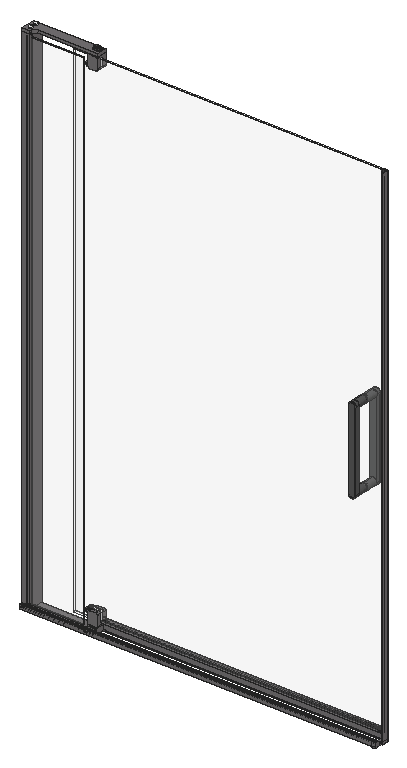
Revit family "Shower-Shower_Door-KOHLER-Revel-K-707551_1", category Specialty Equipment, host Face, Revit 2022
Family settings
  Host = Face
  Round Connector Dimension = Use Diameter
  Part Type = Normal
  OmniClass Number = 23.31.17.17
  OmniClass Title = Shower Enclosures
  Cut with Voids When Loaded = No
  Maintain Annotation Orientation = No
  Shared = No
  Room Calculation Point = No
Parameters (values of type "Clear Glass, ABZ-Anodized Dark Bronze")
  Width [instance] = 8.18898" + Walk Thru + 1.5748"  # 47.99034"
  WaterSense Certified = 1 = 0  # no
  Walk Thru [instance] = 38 29/128"
  URL = "https://www.us.kohler.com/us/"
  Type = 1
  Secondary Finish = Kohler-Glass-L-Crystal_Clear
  Product Page URL = "http://www.us.kohler.com/us/catalog/productDetails.jsp?productId=707551-L"
  Product Name = "Revel"  # constant formula
  Product Documentation Link = "https://www.us.kohler.com/webassets/kpna/catalog/pdf/en/K-707551-L_spec_US-CA_Kohler_en.pdf"
  Model = if(Type = 1, "K-707551-L-ABZ", if(Type = 2, "K-707551-L-BNK", if(Type = 3, "K-707551-L-SHP", if(Type = 4, "K-707551-D3-ABZ", if(Type = 5, "K-707551-D3-BNK", if(Type = 6, "K-707551-D3-SHP", "NA"))))))  # "K-707551-L-ABZ"
  Material = "Premium Metal Construction"  # constant formula
  Master Format 2014 Name = "Shower Doors"  # constant formula
  Master Format 2014 = "10 28 19.16"  # constant formula
  Manufacturer Address = "444 Highland Dr, Kohler, WI 53044"  # constant formula
  Manufacturer = "Kohler Co."  # constant formula
  Length = 4 7/64"  # constant formula
  Height = 70"  # constant formula
  Handle Finish = Kohler-Metal-BL-Matte_Black
  Finish = Kohler-Metal-ABZ-Anodized_Dark_Bronze
  Environmental Product Declaration = ""
  Description = if(or(Type < 4), "Pivot shower door, 70inch H x 43-1/8 - 48inch W, with 5/16inch thick Crystal Clear glass", "Pivot shower door, 70inch H x 43-1/8 - 48inch W, with 5/16inch thick Frosted glass")  # "Pivot shower door, 70inch H x 43-1/8 - 48inch W, with 5/16inch thick Crystal Clear glass"
  Default Elevation = 4"
  Declare Label = ""
  Date Modified = "06/22/2022"  # constant formula
  Date Created = "06/22/2022"  # constant formula
  Copyright = "Copyright Kohler Co."  # constant formula
  Contact Us = "https://www.us.kohler.com/us/static/contact.jsp"
  Assembly Code = "C1030200"
  ADA Compliant = 1 = 0  # no
Reference planes (in)
  plane 1 "Center (Front/Back)": y = 0
  plane 2: z = 0
  plane 3 "Center (Left/Right)": x = 0
  plane 4: y = 2.10994
  plane 5: y = 0.71149
  plane 6: y = -1.5326
  plane 7: x = -8.29527
  plane 8: y = 0.32149
  plane 9: y = -1.99943
  plane 10: y = -0.55188
  plane 11: x = -15.84581
  plane 12: z = 70
  plane 13: z = 70.36441
  plane 14: z = 69.11682
  plane 15: z = 68.1005
  plane 16: z = 40.94488
  plane 17: z = 40.45276
  plane 18: z = 29.82283
  plane 19: z = 29.33071
  plane 20: z = 2.1635
  plane 21: z = 0.62992
  plane 22: x = -16.48425
  plane 23: x = -6.72047
  plane 24: x = 31.50609
  plane 25: x = 31.12577
  plane 26: z = 68.66614
  plane 27: x = 31.00755
  plane 28: x = 28.5528
Dimensions and locks (in)
  plane 7 to plane 3 "Center (Left/Right)" = 8.29527"
  "Height": plane 12 to level
  "Length": plane 4 to plane 9
  locked: plane 23 to plane 3 "Center (Left/Right)" at 6.72047
  "Walk Thru": plane 23 to plane 24
  locked: plane 27 to plane 24 at 0.49854
  locked: plane 24 to plane 25 at 0.38032
  locked: plane 28 to plane 24 at 2.95329
  plane 19 to level = 29.33071"
  plane 16 to plane 19 = 11.61417"
  plane 7 to plane 22 = 8.18898"
  locked: plane 11 to plane 22 at 0.63844
  "Width": plane 24 to plane 22
  aligned and locked: plane 2 to host face
  aligned and locked: level to host face
  aligned and locked: plane 3 "Center (Left/Right)" to nested 1
Automatic sketch dimensions
  host sketch curve to host sketch curve = 96"  (x2)
Nested families (in)
  nested 1: "K-707551" at (0, 0, 0), type "K-707551"
    with Width 47.99034", Walk Thru 38 29/128"
Definition of nested family "K-707551"
  Parameters (values of type "K-707551")
    Width = Walk Thru + Distance + 1.5748"  # 44.01769"
    Walk Thru = 34 65/256"
    Material = none
    Height = 70"
    Handle Material = none
    Handle Height = 29.33071"
    Glass Material = none
    Distance = 8.18898"
    Default Elevation = 0"
  Reference planes (in)
    plane 1 "Center (Front/Back)": y = 0
    plane 2: z = 0
    plane 3 "Center (Left/Right)": x = 0
    plane 4: x = -16.48425
    plane 5: x = -8.29527
    plane 6 "K": x = 24.58014
    plane 7: z = 70
    plane 8: z = 69.64567
    plane 9 "D": z = 68.1005
    plane 10: z = 29.33071
    plane 11: z = 40.94488
    plane 12: y = 2.10994
    plane 13: y = -1.99772
    plane 14: y = 0.71149
    plane 15: y = -1.5326
    plane 16: z = 0.62992
    plane 17: z = 69.11682
    plane 18: x = -15.84363
    plane 19 "A": y = -0.55188
    plane 20 "B": y = 0.32149
    plane 21 "C": z = 2.1635
    plane 22: z = 68.91997
    plane 23: z = 68.66614
    plane 24: z = 40.45276
    plane 25: z = 29.82283
    plane 26: z = 70.36441
    plane 27: x = -6.72047
    plane 28: x = 27.53344
    plane 29: x = 26.8917
    plane 30: x = 27.3917
    plane 31: x = 27.03489
    plane 32: x = -7.40614
  Forms (in)
    Extrusion 1, solid, material <- "Material", detail levels medium+fine
      sketch origin (0, 0, 0) x (0, 1, 0) y (0, 0, 1)
        loop
          line (-0.27623, 0) -> (0.59855, 0)
          arc (0.59855, 0) -> (0.62415, 0.0106) -> (0.63475, 0.0362) r 0.0362
          line (0.63475, 0.0362) -> (0.63475, 0.21702)
          arc (0.63475, 0.21702) -> (0.62509, 0.24034) -> (0.60177, 0.25) r 0.03298
          line (0.60177, 0.25) -> (-1.2883, 0.25)
          arc (-1.2883, 0.25) -> (-1.3314, 0.26785) -> (-1.34925, 0.31095) r 0.06095
          line (-1.34925, 0.31095) -> (-1.34925, 0.48)
          arc (-1.34925, 0.48) -> (-1.40675, 0.5375) -> (-1.46425, 0.48) r 0.0575
          line (-1.46425, 0.48) -> (-1.46425, 0.26417)
          arc (-1.46425, 0.26417) -> (-1.42954, 0.17607) -> (-1.34408, 0.1353) r 0.12919
          line (-1.34408, 0.1353) -> (-0.30312, 0.06251) -> (-0.30312, 0.0269)
          arc (-0.30312, 0.0269) -> (-0.29525, 0.00788) -> (-0.27623, 0) r 0.0269
      from -16.48425 to -8.02475
    Extrusion 2, solid, material <- "Material", detail levels medium+fine
      sketch origin (0, 0, 0) x (0, 1, 0) y (0, 0, 1)
        loop
          line (-1.46425, 0.06988) -> (-0.33625, -0.00012) -> (-0.33625, 0.06) -> (-1.46425, 0.13) -> (-1.46425, 0.565) -> (-1.33425, 0.565) -> (-1.33425, 0.368)
          arc (-1.33425, 0.368) -> (-1.30425, 0.338) -> (-1.27425, 0.368) r 0.03
          line (-1.27425, 0.368) -> (-1.27425, 0.60686)
          arc (-1.27425, 0.60686) -> (-1.281, 0.62317) -> (-1.29731, 0.62992) r 0.02306
          line (-1.29731, 0.62992) -> (-1.50695, 0.62992)
          arc (-1.50695, 0.62992) -> (-1.52509, 0.62241) -> (-1.5326, 0.60427) r 0.02565
          line (-1.5326, 0.60427) -> (-1.5326, 0) -> (-1.48411, 0)
          arc (-1.48411, 0) -> (-1.47007, 0.00582) -> (-1.46425, 0.01986) r 0.01986
          line (-1.46425, 0.01986) -> (-1.46425, 0.06988)
      from -16.48425 to 27.3917
    Extrusion 3, solid, material <- "Material", detail levels medium+fine
      sketch origin (0, 0, 0) x (0, 1, 0) y (0, 0, 1)
        loop
          line (-1.23023, 0.67187) -> (-1.54853, 0.67187)
          arc (-1.54853, 0.67187) -> (-1.56451, 0.66526) -> (-1.57112, 0.64928) r 0.0226
          line (-1.57112, 0.64928) -> (-1.57112, 0.03588)
          arc (-1.57112, 0.03588) -> (-1.55186, 0.01661) -> (-1.5326, 0.03588) r 0.01926
          line (-1.5326, 0.03588) -> (-1.5326, 0.62992) -> (-1.25863, 0.62992) -> (-1.25862, 0.15799)
          arc (-1.25862, 0.15799) -> (-1.25033, 0.13693) -> (-1.22989, 0.12718) r 0.03089
          line (-1.22989, 0.12718) -> (-0.30312, 0.06237) -> (-0.30312, 0.02652)
          arc (-0.30312, 0.02652) -> (-0.29532, 0.00768) -> (-0.27648, -0.00013) r 0.02664
          line (-0.27648, -0.00013) -> (0.27012, -0.00013)
          arc (0.27012, -0.00013) -> (0.29328, 0.00947) -> (0.30288, 0.03263) r 0.03275
          line (0.30288, 0.03263) -> (0.30288, 0.20868)
          arc (0.30288, 0.20868) -> (0.29449, 0.22892) -> (0.27425, 0.23731) r 0.02863
          line (0.27425, 0.23731) -> (-1.17024, 0.23731)
          arc (-1.17024, 0.23731) -> (-1.19827, 0.24892) -> (-1.20987, 0.27694) r 0.03964
          line (-1.20987, 0.27694) -> (-1.20987, 0.65152)
          arc (-1.20987, 0.65152) -> (-1.21584, 0.66591) -> (-1.23023, 0.67187) r 0.02036
      from 27.53344 to 26.8917
    Extrusion 4, solid, material <- "Material", detail levels medium+fine
      sketch origin (0, 0, 0) x (1, 0, 0) y (0, 1, 0)
        loop
          line (-16.48425, -1.27425) -> (-15.36279, -1.27425) -> (-15.36279, -1.0745) -> (-15.92325, -1.0745)
          arc (-15.92325, -1.0745) -> (-15.95325, -0.95875) -> (-15.92325, -0.843) r 0.2383
          line (-15.92325, -0.843) -> (-15.359, -0.843) -> (-15.359, 0.64608) -> (-16.48425, 0.64608) -> (-16.48425, 0.5658) -> (-16.42405, 0.5658) -> (-16.42405, 0.2641) -> (-16.48425, 0.2641) -> (-16.48425, 0.19996) -> (-16.42405, 0.19996) -> (-16.42405, -0.42903) -> (-16.48425, -0.42903) -> (-16.48425, -0.49326) -> (-16.42405, -0.49326) -> (-16.42405, -1.21125) -> (-16.48425, -1.21125) -> (-16.48425, -1.27425)
      from 0.25 to 69.64567
    Extrusion 5, solid, material <- "Glass Material"
      sketch origin (0, 0, 0) x (1, 0, 0) y (0, 1, 0)
        loop
          arc (-15.92325, -0.843) -> (-15.95325, -0.95875) -> (-15.92325, -1.0745) r 0.2383
          line (-15.92325, -1.0745) -> (-8.32527, -1.0745)
          arc (-8.32527, -1.0745) -> (-8.29527, -0.95875) -> (-8.32527, -0.843) r 0.2383
          line (-8.32527, -0.843) -> (-15.92325, -0.843)
      from 0.625 to 69.11682
    Extrusion 6, solid, material <- "Material"
      sketch origin (0, 0, 0) x (1, 0, 0) y (0, 1, 0)
        loop
          line (-16.48425, -1.33251) -> (-15.3867, -1.33251)
          arc (-15.3867, -1.33251) -> (-15.3224, -1.30588) -> (-15.29577, -1.24158) r 0.09093
          line (-15.29577, -1.24158) -> (-15.29577, -1.16731)
          arc (-15.29577, -1.16731) -> (-15.14469, -0.80256) -> (-14.77993, -0.65147) r 0.51584
          line (-14.77993, -0.65147) -> (-6.73991, -0.65147) -> (-6.73991, 0.71149) -> (-16.48425, 0.71149) -> (-16.48425, -1.33251)
      from 69.64567 to 70
    Revolve 7, solid, detail levels medium+fine
      sketch origin (0, -0.55188, 0) x (0, 0, 1) y (-1, 0, 0)
        loop
          line (70, 15.84363) -> (70.17753, 15.84363)
          arc (70.17753, 15.84363) -> (70.13865, 15.98634) -> (70.03277, 16.08963) r 0.2814
          line (70.03277, 16.08963) -> (70, 16.08963) -> (70, 15.84363)
        axis (70, 15.84363) -> (70.17753, 15.84363)
      angle from 0 to 360
    Revolve 8, solid, detail levels medium+fine
      sketch origin (0, 0.32149, 0) x (0, 0, -1) y (-1, 0, 0)
        loop
          line (-70, 15.84363) -> (-70, 16.08963) -> (-70.03277, 16.08963)
          arc (-70.03277, 16.08963) -> (-70.13865, 15.98634) -> (-70.17753, 15.84363) r 0.2814
          line (-70.17753, 15.84363) -> (-70, 15.84363)
        axis (-70.17753, 15.84363) -> (-70, 15.84363)
      angle from 0 to 360
    Extrusion 9, solid, material <- "Material", detail levels medium+fine
      sketch origin (0, 0, 0) x (0, 1, 0) y (0, 0, 1)
        loop
          line (0.63475, 0) -> (0.63475, 0.625) -> (-0.72263, 0.625)
          arc (-0.72263, 0.625) -> (-0.75489, 0.61164) -> (-0.76825, 0.57938) r 0.04562
          line (-0.76825, 0.57938) -> (-0.76825, 0.31091)
          arc (-0.76825, 0.31091) -> (-0.78609, 0.26784) -> (-0.82916, 0.25) r 0.06091
          line (-0.82916, 0.25) -> (-1.10552, 0.25)
          arc (-1.10552, 0.25) -> (-1.13786, 0.26339) -> (-1.15125, 0.29573) r 0.04573
          line (-1.15125, 0.29573) -> (-1.15125, 0.59003)
          arc (-1.15125, 0.59003) -> (-1.16149, 0.61476) -> (-1.18622, 0.625) r 0.03497
          line (-1.18622, 0.625) -> (-1.24534, 0.625)
          arc (-1.24534, 0.625) -> (-1.2672, 0.61595) -> (-1.27625, 0.59409) r 0.03091
          line (-1.27625, 0.59409) -> (-1.27625, 0.312)
          arc (-1.27625, 0.312) -> (-1.31275, 0.2755) -> (-1.34925, 0.312) r 0.0365
          line (-1.34925, 0.312) -> (-1.34925, 0.48)
          arc (-1.34925, 0.48) -> (-1.40675, 0.5375) -> (-1.46425, 0.48) r 0.0575
          line (-1.46425, 0.48) -> (-1.46425, 0.26028)
          arc (-1.46425, 0.26028) -> (-1.43067, 0.17503) -> (-1.34797, 0.13559) r 0.125
          line (-1.34797, 0.13559) -> (-0.30275, 0.0625) -> (-0.30275, 0.03125)
          arc (-0.30275, 0.03125) -> (-0.2936, 0.00915) -> (-0.2715, 0) r 0.03125
          line (-0.2715, 0) -> (0.63475, 0)
      from -6.76525 to -8.02475
    Extrusion 10, solid, material <- "Material"
      sketch origin (0, 0, 0) x (1, 0, 0) y (0, 0, 1)
        loop
          arc (-6.80462, 0.7535) -> (-6.77678, 0.76503) -> (-6.76525, 0.79287) r 0.03937
          line (-6.76525, 0.79287) -> (-6.76525, 2.20243)
          arc (-6.76525, 2.20243) -> (-6.83527, 2.37148) -> (-7.00432, 2.4415) r 0.23907
          line (-7.00432, 2.4415) -> (-7.77509, 2.4415)
          arc (-7.77509, 2.4415) -> (-7.94491, 2.37116) -> (-8.01525, 2.20134) r 0.24016
          line (-8.01525, 2.20134) -> (-8.01525, 0.79202)
          arc (-8.01525, 0.79202) -> (-8.00397, 0.76478) -> (-7.97673, 0.7535) r 0.03852
          line (-7.97673, 0.7535) -> (-6.80462, 0.7535)
      from -0.699 to 0.6555
    Extrusion 11, void
      sketch origin (0, 0, 0) x (0, 1, 0) y (0, 0, 1)
        loop
          line (-0.223, 1.0975) -> (0.277, 1.0975) -> (0.277, 2.6723) -> (-0.223, 2.6723) -> (-0.223, 1.0975)
      from -8.374 to -5.62598
    Extrusion 12, solid
      sketch origin (0, 0, 0) x (1, 0, 0) y (0, 0, 1)
        loop
          line (-6.78494, 1.0975) -> (-6.78494, 2.20243)
          arc (-6.78494, 2.20243) -> (-6.84919, 2.35756) -> (-7.00432, 2.42181) r 0.21938
          line (-7.00432, 2.42181) -> (-7.77509, 2.42181)
          arc (-7.77509, 2.42181) -> (-7.93099, 2.35724) -> (-7.99556, 2.20134) r 0.22047
          line (-7.99556, 2.20134) -> (-7.99556, 1.0975) -> (-6.78494, 1.0975)
      from -0.277 to 0.223
    Revolve 13, solid, material <- "Material"
      sketch origin (0, 0, 2.1635) x (0, -1, 0) y (1, 0, 0)
        loop
          line (0.3524, -8.32761) -> (-0.39049, -8.32761) -> (-0.39049, -8.59986)
          arc (-0.39049, -8.59986) -> (-0.37874, -8.62823) -> (-0.35037, -8.63998) r 0.04012
          line (-0.35037, -8.63998) -> (-0.17426, -8.63998) -> (-0.17426, -8.59632) -> (-0.13508, -8.59632) -> (-0.13508, -8.48472) -> (0.097, -8.48472) -> (0.097, -8.59632) -> (0.13617, -8.59632) -> (0.13617, -8.63998) -> (0.31228, -8.63998)
          arc (0.31228, -8.63998) -> (0.34065, -8.62823) -> (0.3524, -8.59986) r 0.04012
          line (0.3524, -8.59986) -> (0.3524, -8.32761)
        axis (0.3524, -8.32761) -> (-0.39049, -8.32761)
      angle from 0 to 360
    Extrusion 14, solid
      sketch origin (0, 0, 0) x (1, 0, 0) y (0, 0, 1)
        loop
          circle (-7.07775, 1.5975) r 0.18898
        loop
          line (-7.07775, 1.72346) -> (-7.18683, 1.66048) -> (-7.18683, 1.53452) -> (-7.07775, 1.47154) -> (-6.96867, 1.53452) -> (-6.96867, 1.66048) -> (-7.07775, 1.72346)
        loop
          circle (-7.70273, 1.5975) r 0.18898
        loop
          line (-7.70273, 1.72346) -> (-7.81181, 1.66048) -> (-7.81181, 1.53452) -> (-7.70273, 1.47154) -> (-7.59364, 1.53452) -> (-7.59364, 1.66048) -> (-7.70273, 1.72346)
      from -0.64608 to -0.74844
    Revolve 15, solid, material <- "Material"
      sketch origin (0, 0, 68.1005) x (0, -1, 0) y (1, 0, 0)
        loop
          line (0.34548, -8.29527) -> (-0.39741, -8.29527) -> (-0.39741, -8.56752)
          arc (-0.39741, -8.56752) -> (-0.38566, -8.59589) -> (-0.35729, -8.60764) r 0.04012
          line (-0.35729, -8.60764) -> (-0.18118, -8.60764) -> (-0.18118, -8.56398) -> (-0.14201, -8.56398) -> (-0.14201, -8.45238) -> (0.09007, -8.45238) -> (0.09007, -8.56398) -> (0.12925, -8.56398) -> (0.12925, -8.60764) -> (0.30536, -8.60764)
          arc (0.30536, -8.60764) -> (0.33373, -8.59589) -> (0.34548, -8.56752) r 0.04012
          line (0.34548, -8.56752) -> (0.34548, -8.29527)
        axis (0.34548, -8.29527) -> (-0.39741, -8.29527)
      angle from 0 to 360
    Extrusion 16, solid, material <- "Material"
      sketch origin (0, 0, 0) x (0, 1, 0) y (0, 0, 1)
        loop
          arc (-0.097, 1.35312) -> (-0.11537, 1.37299) -> (-0.13662, 1.35624) r 0.01993
          line (-0.13662, 1.35624) -> (-0.1776, 1.0975) -> (0.20316, 1.0975) -> (0.20316, 1.33432)
          arc (0.20316, 1.33432) -> (0.2165, 1.35338) -> (0.23898, 1.34737) r 0.02029
          arc (0.23898, 1.34737) -> (0.2829, 1.29668) -> (0.32829, 1.24731) r 2.26458
          arc (0.32829, 1.24731) -> (0.34709, 1.18966) -> (0.31434, 1.13863) r 0.07073
          arc (0.31434, 1.13863) -> (0.33971, 1.11534) -> (0.37309, 1.12379) r 0.03623
          arc (0.37309, 1.12379) -> (0.42824, 1.15633) -> (0.49187, 1.16351) r 0.15339
          arc (0.49187, 1.16351) -> (0.52099, 1.19696) -> (0.4952, 1.23303) r 0.03577
          arc (0.4952, 1.23303) -> (0.28695, 1.37387) -> (0.20068, 1.61001) r 0.4083
          arc (0.20068, 1.61001) -> (0.17922, 1.64919) -> (0.135, 1.65554) r 0.04994
          line (0.135, 1.65554) -> (0.135, 1.1775)
          arc (0.135, 1.1775) -> (0.019, 1.1475) -> (-0.097, 1.1775) r 0.23927
          line (-0.097, 1.1775) -> (-0.097, 1.35312)
        loop
          line (0.25206, 1.15842) -> (0.26168, 0.02414)
          arc (0.26168, 0.02414) -> (0.28259, 0.00002) -> (0.30569, 0.02205) r 0.02205
          line (0.30569, 0.02205) -> (0.30569, 1.15843)
          arc (0.30569, 1.15843) -> (0.27885, 1.25716) -> (0.25206, 1.15842) r 0.05301
      from -6.76525 to 27.03489
    Extrusion 17, solid, material <- "Material", detail levels medium+fine
      sketch origin (0, 0.32149, 0) x (0, 0, -1) y (-1, 0, 0)
        loop
          arc (-69.47848, 8.033) -> (-69.50196, 8.02327) -> (-69.51168, 7.99979) r 0.03321
          line (-69.51168, 7.99979) -> (-69.51168, 6.8125)
          arc (-69.51168, 6.8125) -> (-69.50196, 6.78902) -> (-69.47848, 6.77929) r 0.03321
          line (-69.47848, 6.77929) -> (-68.07358, 6.77929)
          arc (-68.07358, 6.77929) -> (-67.8951, 6.85322) -> (-67.82117, 7.03171) r 0.25241
          line (-67.82117, 7.03171) -> (-67.82117, 7.78058)
          arc (-67.82117, 7.78058) -> (-67.8951, 7.95907) -> (-68.07358, 8.033) r 0.25241
          line (-68.07358, 8.033) -> (-69.47848, 8.033)
      from -0.97296 to 0.37751
    Extrusion 18, void
      sketch origin (0, 0, 0) x (0, 1, 0) y (0, 0, 1)
        loop
          line (-0.22762, 67.70203) -> (0.23512, 67.70203) -> (0.23512, 69.21197) -> (-0.22762, 69.21197) -> (-0.22762, 67.70203)
      from -8.32527 to -6.37881
    Extrusion 19, solid
      sketch origin (0, 0, 0) x (1, 0, 0) y (0, 0, 1)
        loop
          line (-7.78058, 67.84085) -> (-7.03171, 67.84085)
          arc (-7.03171, 67.84085) -> (-6.86714, 67.90902) -> (-6.79898, 68.07358) r 0.23273
          line (-6.79898, 68.07358) -> (-6.79898, 69.21197) -> (-8.01331, 69.21197) -> (-8.01331, 68.07358)
          arc (-8.01331, 68.07358) -> (-7.94515, 67.90902) -> (-7.78058, 67.84085) r 0.23273
      from -0.23512 to 0.22762
    Extrusion 20, solid, material <- "Glass Material"
      sketch origin (0, 0, 0) x (1, 0, 0) y (0, 1, 0)
        loop
          arc (27.33403, -0.1605) -> (27.38887, -0.00425) -> (27.33403, 0.152) r 0.25
          line (27.33403, 0.152) -> (-10.36891, 0.152)
          arc (-10.36891, 0.152) -> (-10.42375, -0.00425) -> (-10.36891, -0.1605) r 0.25
          line (-10.36891, -0.1605) -> (27.33403, -0.1605)
      from 1.0975 to 69.11682
    Extrusion 21, solid
      sketch origin (0, 0, 0) x (1, 0, 0) y (0, 0, 1)
        loop
          circle (-7.09313, 68.67035) r 0.18898
        loop
          line (-7.09313, 68.79631) -> (-7.20221, 68.73333) -> (-7.20221, 68.60737) -> (-7.09313, 68.54439) -> (-6.98404, 68.60737) -> (-6.98404, 68.73333) -> (-7.09313, 68.79631)
        loop
          circle (-7.71992, 68.67035) r 0.18898
        loop
          line (-7.71992, 68.79631) -> (-7.829, 68.73333) -> (-7.829, 68.60737) -> (-7.71992, 68.54439) -> (-7.61083, 68.60737) -> (-7.61083, 68.73333) -> (-7.71992, 68.79631)
      from -0.277 to -0.74844
    Revolve 22, solid, material <- "Handle Material"
      sketch origin (24.58014, 0, 0) x (0, 0, 1) y (0, -1, 0)
        loop
          line (40.45276, -1.59591) -> (40.94488, -1.59591) -> (40.94488, -0.135) -> (40.697, -0.135) -> (40.697, 0.097) -> (40.94488, 0.097) -> (40.94488, 1.47495) -> (40.45276, 1.47495) -> (40.45276, -1.59591)
        axis (40.45276, 1.47495) -> (40.45276, -1.59591)
      angle from 0 to 360
    Revolve 23, solid, material <- "Handle Material"
      sketch origin (24.58014, 0, 0) x (0, 0, 1) y (0, -1, 0)
        loop
          line (29.82283, -1.59591) -> (29.82283, 1.47495) -> (29.33071, 1.47495) -> (29.33071, 0.097) -> (29.57859, 0.097) -> (29.57859, -0.135) -> (29.33071, -0.135) -> (29.33071, -1.59591) -> (29.82283, -1.59591)
        axis (29.82283, -1.59591) -> (29.82283, 1.47495)
      angle from 0 to 360
    Sweep 24, solid, material <- "Handle Material", detail levels medium+fine
      path origin (0, 0, 0) x (1, 0, 0) y (0, 0, 1)
        loop
          arc (25.07227, 40.45276) -> (24.58014, 40.94488) -> (24.08802, 40.45276) r 0.49213
          line (24.08802, 40.45276) -> (24.08802, 29.82283)
          arc (24.08802, 29.82283) -> (24.58014, 29.33071) -> (25.07227, 29.82283) r 0.49213
          line (25.07227, 29.82283) -> (25.07227, 40.45276)
      profile origin (24.58014, 0, 40.94488) x (0, 0, -1) y (0, -1, 0)
        loop
          line (0, 1.47495) -> (0.07036, 1.47495) -> (0.07036, 1.99772) -> (0.03819, 1.99772)
          arc (0.03819, 1.99772) -> (0.01119, 1.98653) -> (0, 1.95953) r 0.03819
          line (0, 1.95953) -> (0, 1.47495)
    Extrusion 25, solid, material <- "Handle Material", detail levels medium+fine
      sketch origin (0, 0, 0) x (1, 0, 0) y (0, 0, 1)
        loop
          arc (24.15837, 29.82283) -> (24.58014, 29.40107) -> (25.00191, 29.82283) r 0.42177
          line (25.00191, 29.82283) -> (25.00191, 40.45276)
          arc (25.00191, 40.45276) -> (24.58014, 40.87452) -> (24.15837, 40.45276) r 0.42177
          line (24.15837, 40.45276) -> (24.15837, 29.82283)
      from 1.47495 to 1.99772
    Sweep 26, solid, material <- "Handle Material", detail levels medium+fine
      path origin (0, 0, 0) x (1, 0, 0) y (0, 0, 1)
        loop
          line (25.07227, 29.82283) -> (25.07227, 40.45276)
          arc (25.07227, 40.45276) -> (24.58014, 40.94488) -> (24.08802, 40.45276) r 0.49213
          line (24.08802, 40.45276) -> (24.08802, 29.82283)
          arc (24.08802, 29.82283) -> (24.58014, 29.33071) -> (25.07227, 29.82283) r 0.49213
      profile origin (24.58014, 0, 29.33071) x (0, 0, -1) y (0, -1, 0)
        loop
          line (-0.08322, -1.59591) -> (-0.08322, -2.10994) -> (-0.03596, -2.10994)
          arc (-0.03596, -2.10994) -> (-0.01053, -2.09941) -> (0, -2.07398) r 0.03596
          line (0, -2.07398) -> (0, -1.59591) -> (-0.08322, -1.59591)
    Extrusion 27, solid, material <- "Handle Material", detail levels medium+fine
      sketch origin (0, 0, 0) x (1, 0, 0) y (0, 0, 1)
        loop
          line (24.17124, 40.45276) -> (24.17124, 29.82283)
          arc (24.17124, 29.82283) -> (24.58014, 29.41393) -> (24.98905, 29.82283) r 0.4089
          line (24.98905, 29.82283) -> (24.98905, 40.45276)
          arc (24.98905, 40.45276) -> (24.58014, 40.86166) -> (24.17124, 40.45276) r 0.4089
      from -2.10994 to -1.59591
    Extrusion 28, solid, material <- "Material"
      sketch origin (0, 0, 0) x (1, 0, 0) y (0, 1, 0)
        loop
          circle (-7.40614, 0) r 0.23622
      from 0.565 to 0.7535
    Extrusion 29, void
      sketch origin (0, 0, 0) x (1, 0, 0) y (0, 1, 0)
        loop
          arc (-6.80404, -0.07487) -> (-6.97385, 0.46372) -> (-7.51243, 0.63353) r 0.6115
          arc (-7.51243, 0.63353) -> (-7.63532, 0.45802) -> (-7.45982, 0.33513) r 0.1515
          arc (-7.45982, 0.33513) -> (-7.18811, 0.24946) -> (-7.10243, -0.02225) r 0.3085
          arc (-7.10243, -0.02225) -> (-6.97954, -0.19776) -> (-6.80404, -0.07487) r 0.1515
      from 70 to 69.64567
    Extrusion 30, solid
      sketch origin (0, 0, 0) x (1, 0, 0) y (0, 1, 0)
        loop
          circle (-7.40625, 0.49132) r 0.07731
        loop
          circle (-7.40625, 0.49132) r 0.097
      from 70 to 69.57446
    Extrusion 31, solid, material <- "Handle Material", detail levels coarse
      sketch origin (0, 0, 0) x (1, 0, 0) y (0, 0, 1)
        loop
          line (24.08802, 40.94488) -> (24.08802, 29.33071) -> (25.07227, 29.33071) -> (25.07227, 40.94488) -> (24.08802, 40.94488)
      from 1.47495 to 1.99772
    Extrusion 32, solid, material <- "Handle Material", detail levels coarse
      sketch origin (0, 0, 0) x (1, 0, 0) y (0, 0, 1)
        loop
          line (24.08802, 40.94488) -> (24.08802, 29.33071) -> (25.07227, 29.33071) -> (25.07227, 40.94488) -> (24.08802, 40.94488)
      from -2.10994 to -1.59591
    Extrusion 33, solid, material <- "Material", detail levels coarse
      sketch origin (0, 0, 0) x (1, 0, 0) y (0, 1, 0)
        loop
          line (-15.359, -0.843) -> (-15.359, 0.64608) -> (-16.48425, 0.64608) -> (-16.48425, -1.27425) -> (-15.36279, -1.27425) -> (-15.36279, -1.0745) -> (-15.92325, -1.0745)
          arc (-15.92325, -1.0745) -> (-15.95325, -0.95875) -> (-15.92325, -0.843) r 0.2383
          line (-15.92325, -0.843) -> (-15.359, -0.843)
      from 0 to 69.64567
    Extrusion 34, solid, material <- "Material", detail levels coarse
      sketch origin (24.58014, 0, 0) x (0, 0, 1) y (0, -1, 0)
        loop
          line (0.25, -0.30288) -> (0.25, 1.27425) -> (0.62992, 1.27425) -> (0.62992, 1.5326) -> (0, 1.5326) -> (0, -0.30288) -> (0.25, -0.30288)
      from -41.06439 to 2.81156
    Extrusion 35, solid, material <- "Material"
      sketch origin (0, 0, 0) x (1, 0, 0) y (0, 1, 0)
        loop
          arc (27.53344, 0.28917) -> (27.5245, 0.31074) -> (27.50294, 0.31967) r 0.0305
          line (27.50294, 0.31967) -> (27.00125, 0.31967)
          arc (27.00125, 0.31967) -> (26.98374, 0.30217) -> (27.00125, 0.28466) r 0.0175
          line (27.00125, 0.28466) -> (27.04812, 0.28466)
          arc (27.04812, 0.28466) -> (27.01786, 0.27075) -> (26.99025, 0.25214) r 0.20599
          arc (26.99025, 0.25214) -> (26.95681, 0.2073) -> (26.94964, 0.15183) r 0.11038
          line (26.94964, 0.15183) -> (27.19998, 0.15183)
          arc (27.19998, 0.15183) -> (27.17572, 0.23382) -> (27.10697, 0.28466) r 0.13461
          line (27.10697, 0.28466) -> (27.46766, 0.28466)
          arc (27.46766, 0.28466) -> (27.49012, 0.27536) -> (27.49942, 0.2529) r 0.03177
          line (27.49942, 0.2529) -> (27.49942, -0.48012) -> (27.42923, -0.48012) -> (27.21983, -0.1617)
          arc (27.21983, -0.1617) -> (27.19675, -0.16372) -> (27.18575, -0.18411) r 0.02441
          line (27.18575, -0.18411) -> (27.40477, -0.51714) -> (27.53344, -0.51714) -> (27.53344, 0.28917)
      from 0 to 68.91997
    Revolve 36, solid
      sketch origin (0, 0, 0) x (1, 0, 0) y (0, 0, 1)
        loop
          line (-7.40614, 69.51168) -> (-7.40614, 70.31881) -> (-7.62158, 70.31881) -> (-7.62158, 70.36441) -> (-7.68448, 70.36441)
          arc (-7.68448, 70.36441) -> (-7.7027, 70.3576) -> (-7.71198, 70.3405) r 0.02777
          line (-7.71198, 70.3405) -> (-7.73118, 70.2039) -> (-7.76575, 70.2039) -> (-7.76575, 70.1409) -> (-7.64133, 70.1409) -> (-7.64133, 69.57446) -> (-8.02821, 69.57446) -> (-8.02821, 69.51168) -> (-7.40614, 69.51168)
        axis (-7.40614, 69.51168) -> (-7.40614, 70.36441)
      angle from 0 to 360
    Extrusion 37, solid, material <- "Material", detail levels coarse
      sketch origin (0, 0.32149, 0) x (0, 0, -1) y (-1, 0, 0)
        loop
          arc (-69.47848, 8.033) -> (-69.50196, 8.02327) -> (-69.51168, 7.99979) r 0.03321
          line (-69.51168, 7.99979) -> (-69.51168, 6.8125)
          arc (-69.51168, 6.8125) -> (-69.50196, 6.78902) -> (-69.47848, 6.77929) r 0.03321
          line (-69.47848, 6.77929) -> (-67.82117, 6.77929) -> (-67.82117, 8.033) -> (-69.47848, 8.033)
      from -0.97296 to 0.37751
  Cuts and joins
    Extrusion 11 cuts Extrusion 10
    Extrusion 18 cuts Extrusion 17
    joined: Sweep 26, Extrusion 27
    joined: Sweep 24, Extrusion 25
    Extrusion 29 cuts Extrusion 6
  Lines and regions (in)
    Masking region 1
      outline origin (0, 0, 0) x (1, 0, 0) y (0, 0, 1)
        loop
          line (-16.48425, 0) -> (27.53344, 0) -> (27.53344, 68.91997) -> (27.3917, 68.91997) -> (27.3917, 69.11682) -> (-6.77929, 69.11682) -> (-6.77929, 69.47848)
          arc (-6.77929, 69.47848) -> (-6.78049, 69.49525) -> (-6.78408, 69.51168) r 0.11765
          line (-6.78408, 69.51168) -> (-6.78408, 69.57446) -> (-7.17096, 69.57446) -> (-7.17096, 69.64567) -> (-6.72047, 69.64567) -> (-6.72047, 70) -> (-7.17096, 70) -> (-7.17096, 70.1409) -> (-7.04654, 70.1409) -> (-7.04654, 70.2039) -> (-7.08111, 70.2039) -> (-7.10073, 70.34349)
          arc (-7.10073, 70.34349) -> (-7.10885, 70.35845) -> (-7.1248, 70.36441) r 0.02431
          line (-7.1248, 70.36441) -> (-7.68749, 70.36441)
          arc (-7.68749, 70.36441) -> (-7.70344, 70.35845) -> (-7.71156, 70.34349) r 0.02431
          line (-7.71156, 70.34349) -> (-7.73118, 70.2039) -> (-7.76575, 70.2039) -> (-7.76575, 70.1409) -> (-7.64133, 70.1409) -> (-7.64133, 70) -> (-15.59763, 70) -> (-15.59763, 70.03277)
          arc (-15.59763, 70.03277) -> (-15.70095, 70.13855) -> (-15.84363, 70.17739) r 0.28153
          arc (-15.84363, 70.17739) -> (-15.98631, 70.13855) -> (-16.08963, 70.03277) r 0.28153
          line (-16.08963, 70.03277) -> (-16.08963, 70) -> (-16.48425, 70) -> (-16.48425, 0)
        loop
          line (-15.36279, 69.64567) -> (-15.36279, 69.11682) -> (-8.033, 69.11682) -> (-8.033, 69.47848)
          arc (-8.033, 69.47848) -> (-8.0318, 69.49525) -> (-8.02821, 69.51168) r 0.11765
          line (-8.02821, 69.51168) -> (-8.02821, 69.57446) -> (-7.64133, 69.57446) -> (-7.64133, 69.64567) -> (-15.36279, 69.64567)
        loop
          line (-8.29527, 1.0975) -> (-8.29527, 0.62992) -> (-7.64237, 0.62992) -> (-7.64237, 0.7535) -> (-7.97673, 0.7535)
          arc (-7.97673, 0.7535) -> (-8.00397, 0.76478) -> (-8.01525, 0.79202) r 0.03852
          line (-8.01525, 0.79202) -> (-8.01525, 1.0975) -> (-8.29527, 1.0975)
        loop
          line (-7.16992, 0.7535) -> (-7.16992, 0.62992) -> (-6.76525, 0.62992) -> (-6.76525, 0.79287)
          arc (-6.76525, 0.79287) -> (-6.77678, 0.76503) -> (-6.80462, 0.7535) r 0.03937
          line (-6.80462, 0.7535) -> (-7.16992, 0.7535)
    Masking region 2
      outline origin (24.58014, 0, 0) x (0, 0, 1) y (0, -1, 0)
        loop
          line (0, -0.63475) -> (0.21702, -0.63475)
          arc (0.21702, -0.63475) -> (0.24034, -0.62509) -> (0.25, -0.60177) r 0.03298
          line (0.25, -0.60177) -> (0.25, -0.64608) -> (0.7535, -0.64608) -> (0.7535, -0.699) -> (1.40852, -0.699) -> (1.40852, -0.74844) -> (1.78648, -0.74844) -> (1.78648, -0.699) -> (2.4415, -0.699) -> (2.4415, -0.64608) -> (29.33071, -0.64608) -> (29.33071, -2.07057)
          arc (29.33071, -2.07057) -> (29.34224, -2.09841) -> (29.37008, -2.10994) r 0.03937
          line (29.37008, -2.10994) -> (40.90716, -2.10994)
          arc (40.90716, -2.10994) -> (40.93383, -2.09889) -> (40.94488, -2.07222) r 0.03773
          line (40.94488, -2.07222) -> (40.94488, -0.64608) -> (67.82117, -0.64608) -> (67.82117, -0.699) -> (68.48137, -0.699) -> (68.48137, -0.74844) -> (68.85933, -0.74844) -> (68.85933, -0.699) -> (69.51168, -0.699) -> (69.51168, -0.64608) -> (69.64567, -0.64608) -> (69.64567, -0.71149) -> (70, -0.71149) -> (70, -0.56685) -> (70.03265, -0.56685)
          arc (70.03265, -0.56685) -> (70.12273, -0.48776) -> (70.17155, -0.37828) r 0.28036
          line (70.17155, -0.37828) -> (70.2039, -0.3596) -> (70.2039, -0.32484) -> (70.33604, -0.30626)
          arc (70.33604, -0.30626) -> (70.35633, -0.29525) -> (70.36441, -0.27363) r 0.03296
          line (70.36441, -0.27363) -> (70.36441, 0.27363)
          arc (70.36441, 0.27363) -> (70.35633, 0.29525) -> (70.33604, 0.30626) r 0.03296
          line (70.33604, 0.30626) -> (70.2039, 0.32484) -> (70.2039, 0.3596) -> (70.1409, 0.3596) -> (70.1409, 0.23689) -> (70, 0.23689) -> (70, 0.30652) -> (70.03265, 0.30652)
          arc (70.03265, 0.30652) -> (70.13849, 0.40945) -> (70.17736, 0.55188) r 0.28036
          arc (70.17736, 0.55188) -> (70.13849, 0.69431) -> (70.03265, 0.79724) r 0.28036
          line (70.03265, 0.79724) -> (70, 0.79724) -> (70, 1.33251) -> (69.64567, 1.33251) -> (69.64567, 1.27425) -> (40.94488, 1.27425) -> (40.94488, 1.95835)
          arc (40.94488, 1.95835) -> (40.93335, 1.98619) -> (40.90551, 1.99772) r 0.03937
          line (40.90551, 1.99772) -> (29.3726, 1.99772)
          arc (29.3726, 1.99772) -> (29.34298, 1.98545) -> (29.33071, 1.95583) r 0.04189
          line (29.33071, 1.95583) -> (29.33071, 1.27425) -> (0.67187, 1.27425) -> (0.67187, 1.54853)
          arc (0.67187, 1.54853) -> (0.66526, 1.56451) -> (0.64928, 1.57112) r 0.0226
          line (0.64928, 1.57112) -> (0.03587, 1.57112)
          arc (0.03587, 1.57112) -> (0.01661, 1.55186) -> (0.03587, 1.5326) r 0.01926
          line (0.03587, 1.5326) -> (0, 1.5326) -> (0, 1.48411)
          arc (0, 1.48411) -> (0.00582, 1.47007) -> (0.01986, 1.46425) r 0.01986
          line (0.01986, 1.46425) -> (0.06988, 1.46425) -> (-0.00012, 0.33625) -> (0.06, 0.33625) -> (0.13, 1.46425) -> (0.26417, 1.46425)
          arc (0.26417, 1.46425) -> (0.17607, 1.42954) -> (0.1353, 1.34408) r 0.12919
          line (0.1353, 1.34408) -> (0.06251, 0.30312) -> (0.0269, 0.30312)
          arc (0.0269, 0.30312) -> (0.00788, 0.29525) -> (0, 0.27623) r 0.0269
          line (0, 0.27623) -> (0, -0.63475)
        loop
          arc (0.48, 1.46425) -> (0.5375, 1.40675) -> (0.48, 1.34925) r 0.0575
          line (0.48, 1.34925) -> (0.312, 1.34925)
          arc (0.312, 1.34925) -> (0.2755, 1.31275) -> (0.312, 1.27625) r 0.0365
          line (0.312, 1.27625) -> (0.35723, 1.27625)
          arc (0.35723, 1.27625) -> (0.3385, 1.30973) -> (0.368, 1.33425) r 0.03
          line (0.368, 1.33425) -> (0.565, 1.33425) -> (0.565, 1.46425) -> (0.48, 1.46425)
        loop
          line (30.31291, 1.47495) -> (30.31291, 1.27425) -> (39.96063, 1.27425) -> (39.96063, 1.47495) -> (30.31291, 1.47495)
        loop
          line (39.96063, -1.59591) -> (39.96063, -0.64608) -> (30.31496, -0.64608) -> (30.31496, -1.59591) -> (39.96063, -1.59591)
    Masking region 3
      outline origin (0, 0, 0) x (1, 0, 0) y (0, 1, 0)
        loop
          line (-16.48425, -1.5326) -> (24.08802, -1.5326) -> (24.08802, -1.94529)
          arc (24.08802, -1.94529) -> (24.10337, -1.98236) -> (24.14044, -1.99772) r 0.05243
          line (24.14044, -1.99772) -> (24.58014, -1.99772) -> (25.01984, -1.99772)
          arc (25.01984, -1.99772) -> (25.05691, -1.98236) -> (25.07227, -1.94529) r 0.05243
          line (25.07227, -1.94529) -> (25.07227, -1.5326) -> (26.8917, -1.5326) -> (26.8917, -1.57112) -> (27.53344, -1.57112) -> (27.53344, 0.28917)
          arc (27.53344, 0.28917) -> (27.5245, 0.31074) -> (27.50294, 0.31967) r 0.0305
          line (27.50294, 0.31967) -> (27.03489, 0.31967) -> (27.03489, 0.52103) -> (25.07227, 0.52103) -> (25.07227, 2.07301)
          arc (25.07227, 2.07301) -> (25.06145, 2.09912) -> (25.03534, 2.10994) r 0.03693
          line (25.03534, 2.10994) -> (24.12495, 2.10994)
          arc (24.12495, 2.10994) -> (24.09883, 2.09912) -> (24.08802, 2.07301) r 0.03693
          line (24.08802, 2.07301) -> (24.08802, 0.52103) -> (-6.72047, 0.52103) -> (-6.72047, 0.71149) -> (-6.88877, 0.71149) -> (-6.88877, 0.74844) -> (-7.2807, 0.74844) -> (-7.2807, 0.71149) -> (-7.51519, 0.71149) -> (-7.51519, 0.74844) -> (-7.90889, 0.74844) -> (-7.90889, 0.71149) -> (-16.48425, 0.71149) -> (-16.48425, -1.5326)
        loop
          line (24.08802, -0.33625) -> (24.08802, -0.1776) -> (-6.72047, -0.1776) -> (-6.72047, -0.33625) -> (24.08802, -0.33625)
        loop
          line (25.07227, -0.33625) -> (26.8917, -0.33625) -> (26.8917, -0.1776) -> (25.07227, -0.1776) -> (25.07227, -0.33625)
    symbolic lines, detail levels medium+fine
      curve 1: line (-16.08963, 0, 70) -> (-15.59763, 0, 70)
      curve 2: line (-16.08963, 0, 70.03277) -> (-15.59763, 0, 70.03277)
      curve 3: line (-16.48425, 0, 69.64567) -> (-15.359, 0, 69.64567)
      curve 4: line (-15.36279, 0, 69.11682) -> (-15.36279, 0, 0.62992)
      curve 5: line (-8.29527, 0, 0.62992) -> (-16.48425, 0, 0.62992)
      curve 6: line (-8.29527, 0, 69.11682) -> (-8.29527, 0, 1.0975)
      curve 7: line (-8.01525, 0, 1.0975) -> (-8.01525, 0, 2.20134)
      curve 8: arc (-7.77509, 0, 2.4415) -> (-7.94491, 0, 2.37116) -> (-8.01525, 0, 2.20134) r 0.24016
      curve 9: line (-7.00432, 0, 2.4415) -> (-7.77509, 0, 2.4415)
      curve 10: arc (-6.76525, 0, 2.20243) -> (-6.83527, 0, 2.37148) -> (-7.00432, 0, 2.4415) r 0.23907
      curve 11: line (-6.76525, 0, 2.20243) -> (-6.76525, 0, 0.79287)
      curve 12: line (-7.64237, 0, 0.7535) -> (-7.16511, 0, 0.7535)
      curve 13: line (-7.64237, 0, 0.62992) -> (-7.16992, 0, 0.62992)
      curve 14: arc (-8.29527, 0, 1.85282) -> (-8.01525, 0, 2.1635) -> (-8.29527, 0, 2.47418) r 0.31236
      curve 15: line (-6.76525, 0, 0.62992) -> (26.8917, 0, 0.62992)
      curve 16: line (26.8917, 0, -0.00013) -> (26.8917, 0, 0.62992)
      curve 17: line (26.8917, 0, 0.67187) -> (27.53344, 0, 0.67187)
      curve 18: line (26.8917, 0, 0.67187) -> (26.8917, 0, 0.49938)
      curve 19: line (-6.76525, 0, 1.0975) -> (27.18575, 0, 1.0975)
      curve 20: line (-7.64133, 0, 69.64567) -> (-7.17096, 0, 69.64567)
      curve 21: line (-7.64133, 0, 69.57446) -> (-7.17096, 0, 69.57446)
      curve 22: line (-8.02821, 0, 69.51168) -> (-6.78408, 0, 69.51168)
      curve 23: line (-7.64133, 0, 70) -> (-7.17096, 0, 70)
      curve 24: line (-7.64133, 0, 70.1409) -> (-7.17096, 0, 70.1409)
      curve 25: line (-7.73118, 0, 70.2039) -> (-7.08111, 0, 70.2039)
      curve 26: line (24.08802, 0, 40.45276) -> (24.08802, 0, 29.82283)
      curve 27: line (25.07227, 0, 29.82283) -> (25.07227, 0, 40.45276)
      curve 28: arc (25.07227, 0, 40.45276) -> (24.58014, 0, 40.94488) -> (24.08802, 0, 40.45276) r 0.49213
      curve 29: arc (25.07227, 0, 29.82283) -> (24.58014, 0, 29.33071) -> (24.08802, 0, 29.82283) r 0.49213
      curve 30: line (-7.78058, 0, 67.82117) -> (-7.03171, 0, 67.82117)
      curve 31: arc (-7.78058, 0, 67.82117) -> (-7.95907, 0, 67.8951) -> (-8.033, 0, 68.07358) r 0.25241
      curve 32: arc (-6.77929, 0, 68.07358) -> (-6.85322, 0, 67.8951) -> (-7.03171, 0, 67.82117) r 0.25241
      curve 33: line (-8.033, 0, 68.07358) -> (-8.033, 0, 69.11682)
      curve 34: line (-6.77929, 0, 68.07358) -> (-6.77929, 0, 69.11682)
      curve 35: arc (-8.033, 0, 68.27015) -> (-8.14598, 0, 68.37488) -> (-8.29527, 0, 68.41286) r 0.31236
      curve 36: arc (-8.29527, 0, 67.78814) -> (-8.12638, 0, 67.83774) -> (-8.01112, 0, 67.97078) r 0.31236
      curve 37: line (24.58014, 0.60177, 0.25) -> (24.58014, -1.27425, 0.25)
      curve 38: line (24.58014, -1.27425, 0.25) -> (24.58014, -1.27425, 0.67187)
      curve 39: arc (24.58014, -1.27425, 0.60686) -> (24.58014, -1.281, 0.62317) -> (24.58014, -1.29731, 0.62992) r 0.02306
      curve 40: line (24.58014, -1.27425, 0.62992) -> (24.58014, -1.5326, 0.62992)
      curve 41: arc (24.58014, -1.50695, 0.62992) -> (24.58014, -1.52509, 0.62241) -> (24.58014, -1.5326, 0.60427) r 0.02565
      curve 42: line (24.58014, -1.5326, 0.62992) -> (24.58014, -1.5326, 0)
      curve 43: line (24.58014, -1.46425, 0.26028) -> (24.58014, -1.46425, 0.48)
      curve 44: line (24.58014, -1.46425, 0.13) -> (24.58014, -1.46425, 0.06988)
      curve 45: line (24.58014, 0.64608, 0.7535) -> (24.58014, 0.64608, 2.4415)
      curve 46: line (24.58014, 0.699, 1.40852) -> (24.58014, 0.699, 1.78648)
      curve 47: line (24.58014, 0.5658, 69.64567) -> (24.58014, 0.5658, 0.25)
      curve 48: line (24.58014, 0.2641, 0.25) -> (24.58014, 0.2641, 69.64567)
      curve 49: line (24.58014, 0.19996, 69.64567) -> (24.58014, 0.19996, 0.25)
      curve 50: line (24.58014, -0.42903, 0.25) -> (24.58014, -0.42903, 69.64567)
      curve 51: line (24.58014, -0.49326, 69.64567) -> (24.58014, -0.49326, 0.25)
      curve 52: line (24.58014, -1.21125, 0.25) -> (24.58014, -1.21125, 69.64567)
      curve 53: line (24.58014, 0.64608, 29.33071) -> (24.58014, 0.64608, 30.31496)
      curve 54: line (24.58014, -1.27425, 29.33071) -> (24.58014, -1.27425, 30.31291)
      curve 55: line (24.58014, 1.59591, 30.31496) -> (24.58014, 1.59591, 29.33071)
      curve 56: line (24.58014, -1.47495, 30.31291) -> (24.58014, -1.47495, 29.33071)
      curve 57: line (24.58014, 0.64608, 39.96063) -> (24.58014, 0.64608, 40.94488)
      curve 58: line (24.58014, 1.59591, 39.96063) -> (24.58014, 1.59591, 40.94488)
      curve 59: line (24.58014, -1.27425, 39.96063) -> (24.58014, -1.27425, 40.94488)
      curve 60: line (24.58014, -1.47495, 39.96063) -> (24.58014, -1.47495, 40.94488)
      curve 61: line (24.58014, 0.64608, 67.82117) -> (24.58014, 0.64608, 69.51168)
      curve 62: line (24.58014, 0.699, 68.48137) -> (24.58014, 0.699, 68.85933)
      curve 63: line (24.58014, 0.64608, 69.64567) -> (24.58014, -1.27425, 69.64567)
      curve 64: line (24.58014, 0.56685, 70) -> (24.58014, -0.23689, 70)
      curve 65: line (24.58014, -0.30652, 70) -> (24.58014, -0.79724, 70)
      curve 66: line (24.58014, -0.30652, 70.03265) -> (24.58014, -0.79724, 70.03265)
      curve 67: line (24.58014, 0.07518, 70) -> (24.58014, 0.07518, 70.03265)
      curve 68: line (24.58014, 0.07518, 70.03265) -> (24.58014, 0.56685, 70.03265)
      curve 69: arc (24.58014, 0.37828, 70.17155) -> (24.58014, 0.20368, 70.1524) -> (24.58014, 0.07518, 70.03265) r 0.2788
      curve 70: line (24.58014, -0.32484, 70.2039) -> (24.58014, 0.32504, 70.2039)
      curve 71: line (24.58014, -0.23519, 70.1409) -> (24.58014, 0.18131, 70.1409)
      curve 72: circle (-15.84363, 0.32149, 0) r 0.246 normal (0, 0, 1)
      curve 73: circle (-15.84363, -0.55188, 0) r 0.246 normal (0, 0, -1)
      curve 74: line (-7.90889, 0.71149, 0) -> (-7.51519, 0.71149, 0)
      curve 75: line (-7.2807, 0.71149, 0) -> (-6.88877, 0.71149, 0)
      curve 76: line (-6.72047, -0.22567, 0) -> (-6.72047, 0.52103, 0)
      curve 77: line (-6.72047, -0.33625, 0) -> (-6.72047, -0.65147, 0)
      curve 78: line (-6.72047, -0.65147, 0) -> (-14.77993, -0.65147, 0)
      curve 79: arc (-15.29577, -1.16731, 0) -> (-15.14469, -0.80256, 0) -> (-14.77993, -0.65147, 0) r 0.51584
      curve 80: line (-16.48425, -1.33251, 0) -> (-15.3867, -1.33251, 0)
      curve 81: arc (-15.3867, -1.33251, 0) -> (-15.3224, -1.30588, 0) -> (-15.29577, -1.24158, 0) r 0.09093
      curve 82: line (-15.29577, -1.24158, 0) -> (-15.29577, -1.16731, 0)
      curve 83: line (-8.32527, -0.843, 0) -> (-15.18107, -0.843, 0)
      curve 84: line (-15.28735, -1.0745, 0) -> (-8.32527, -1.0745, 0)
      curve 85: arc (-8.32527, -1.0745, 0) -> (-8.29527, -0.95875, 0) -> (-8.32527, -0.843, 0) r 0.2383
      curve 86: line (-6.76525, -0.65147, 0) -> (-6.76525, -1.27425, 0)
      curve 87: line (-8.02475, -1.27425, 0) -> (-8.02475, -0.65147, 0)
      curve 88: line (-15.30184, -1.27425, 0) -> (24.08802, -1.27425, 0)
      curve 89: line (-8.02475, -0.76825, 0) -> (-6.76525, -0.76825, 0)
      curve 90: line (-8.02475, -1.15125, 0) -> (-6.76525, -1.15125, 0)
      curve 91: arc (-7.62158, 0, 0) -> (-7.40614, 0.21543, 0) -> (-7.19071, 0, 0) r 0.21543
      curve 92: arc (-7.19071, 0, 0) -> (-7.40614, -0.21543, 0) -> (-7.62158, 0, 0) r 0.21543
      curve 93: arc (-7.76575, 0, 0) -> (-7.40614, 0.3596, 0) -> (-7.04654, 0, 0) r 0.3596
      curve 94: arc (-7.04654, 0, 0) -> (-7.40614, -0.3596, 0) -> (-7.76575, 0, 0) r 0.3596
      curve 95: circle (-7.40614, 0, 0) r 0.32504 normal (0, 0, 1)
      curve 96: line (-7.43499, 0.1285, 0) -> (-7.43499, 0.02884, 0)
      curve 97: line (-7.43499, 0.1285, 0) -> (-7.3773, 0.1285, 0)
      curve 98: line (-7.43499, -0.1285, 0) -> (-7.3773, -0.1285, 0)
      curve 99: line (-7.3773, 0.1285, 0) -> (-7.3773, 0.02884, 0)
      curve 100: line (-7.27764, 0.02884, 0) -> (-7.3773, 0.02884, 0)
      curve 101: line (-7.27764, 0.02884, 0) -> (-7.27764, -0.02884, 0)
      curve 102: line (-7.53464, 0.02884, 0) -> (-7.53464, -0.02884, 0)
      curve 103: line (-7.27764, -0.02884, 0) -> (-7.3773, -0.02884, 0)
      curve 104: line (-7.43499, -0.02884, 0) -> (-7.43499, -0.1285, 0)
      curve 105: line (-7.43499, 0.02884, 0) -> (-7.53464, 0.02884, 0)
      curve 106: line (-7.3773, -0.02884, 0) -> (-7.3773, -0.1285, 0)
      curve 107: line (-7.43499, -0.02884, 0) -> (-7.53464, -0.02884, 0)
      curve 108: line (-15.88036, 0.45572, 0) -> (-15.88036, 0.35822, 0)
      curve 109: line (-15.88036, 0.45572, 0) -> (-15.8069, 0.45572, 0)
      curve 110: line (-15.8069, 0.45572, 0) -> (-15.8069, 0.35822, 0)
      curve 111: line (-15.88036, 0.18726, 0) -> (-15.8069, 0.18726, 0)
      curve 112: line (-15.7094, 0.35822, 0) -> (-15.8069, 0.35822, 0)
      curve 113: line (-15.7094, 0.35822, 0) -> (-15.7094, 0.28476, 0)
      curve 114: line (-15.7094, 0.28476, 0) -> (-15.8069, 0.28476, 0)
      curve 115: line (-15.97785, 0.35822, 0) -> (-15.97785, 0.28476, 0)
      curve 116: line (-15.88036, 0.35822, 0) -> (-15.97785, 0.35822, 0)
      curve 117: line (-15.88036, 0.28476, 0) -> (-15.88036, 0.18726, 0)
      curve 118: line (-15.8069, 0.28476, 0) -> (-15.8069, 0.18726, 0)
      curve 119: line (-15.88036, 0.28476, 0) -> (-15.97785, 0.28476, 0)
      curve 120: line (-15.88036, -0.41765, 0) -> (-15.88036, -0.51515, 0)
      curve 121: line (-15.88036, -0.41765, 0) -> (-15.8069, -0.41765, 0)
      curve 122: line (-15.8069, -0.41765, 0) -> (-15.8069, -0.51515, 0)
      curve 123: line (-15.88036, -0.68611, 0) -> (-15.8069, -0.68611, 0)
      curve 124: line (-15.7094, -0.51515, 0) -> (-15.8069, -0.51515, 0)
      curve 125: line (-15.7094, -0.51515, 0) -> (-15.7094, -0.58861, 0)
      curve 126: line (-15.7094, -0.58861, 0) -> (-15.8069, -0.58861, 0)
      curve 127: line (-15.97785, -0.51515, 0) -> (-15.97785, -0.58861, 0)
      curve 128: line (-15.88036, -0.51515, 0) -> (-15.97785, -0.51515, 0)
      curve 129: line (-15.88036, -0.58861, 0) -> (-15.88036, -0.68611, 0)
      curve 130: line (-15.8069, -0.58861, 0) -> (-15.8069, -0.68611, 0)
      curve 131: line (-15.88036, -0.58861, 0) -> (-15.97785, -0.58861, 0)
      curve 132: line (-6.72047, 0.20225, 0) -> (24.08802, 0.20225, 0)
      curve 133: line (24.08802, 0.52103, 0) -> (24.08802, 0.152, 0)
      curve 134: line (25.07227, 0.52103, 0) -> (25.07227, 0.152, 0)
      curve 135: line (24.08802, -1.5326, 0) -> (24.08802, -0.33625, 0)
      curve 136: line (25.07227, -1.5326, 0) -> (25.07227, -0.33625, 0)
      curve 137: line (24.08802, -1.47495, 0) -> (25.07227, -1.47495, 0)
      curve 138: line (24.08802, 1.59591, 0) -> (25.07227, 1.59591, 0)
      curve 139: line (25.07227, 0.20136, 0) -> (26.9546, 0.20136, 0)
      curve 140: arc (-6.80404, -0.07487, 0) -> (-6.97385, 0.46372, 0) -> (-7.51243, 0.63353, 0) r 0.6115
      curve 141: arc (-7.51243, 0.63353, 0) -> (-7.63743, 0.49199, 0) -> (-7.52737, 0.33855, 0) r 0.1515
      curve 142: arc (-7.0746, -0.13925, 0) -> (-6.91817, -0.19594, 0) -> (-6.80404, -0.07487, 0) r 0.1515
      curve 143: arc (-7.30925, 0.49132, 0) -> (-7.40625, 0.58832, 0) -> (-7.50325, 0.49132, 0) r 0.097
      curve 144: arc (-7.48356, 0.49132, 0) -> (-7.40625, 0.56863, 0) -> (-7.32893, 0.49132, 0) r 0.07731
      curve 145: arc (-7.32893, 0.49132, 0) -> (-7.40625, 0.414, 0) -> (-7.48356, 0.49132, 0) r 0.07731
      curve 146: arc (-7.50325, 0.49132, 0) -> (-7.40625, 0.39432, 0) -> (-7.30925, 0.49132, 0) r 0.097
      curve 147: line (27.33403, 0.152, 0) -> (-6.72047, 0.152, 0)
      curve 148: line (-6.72047, -0.1605, 0) -> (27.33403, -0.1605, 0)
      curve 149: line (27.47859, 0, 0.67187) -> (27.47859, 0, 68.91997)
      curve 150: line (26.8917, -1.5326, 0) -> (26.8917, -0.33625, 0)
      curve 151: line (25.07227, -1.27425, 0) -> (26.8917, -1.27425, 0)
      curve 152: line (26.8917, -1.20987, 0) -> (27.53344, -1.20987, 0)
      curve 153: line (27.46766, 0.28466, 0) -> (27.10697, 0.28466, 0)
      curve 154: arc (27.19999, 0.152, 0) -> (27.17567, 0.23389, 0) -> (27.10697, 0.28466, 0) r 0.13461
      curve 155: arc (27.04812, 0.28466, 0) -> (27.01786, 0.27075, 0) -> (26.99025, 0.25214, 0) r 0.20599
      curve 156: arc (26.99025, 0.25214, 0) -> (26.95684, 0.20738, 0) -> (26.94962, 0.152, 0) r 0.11038
      curve 157: arc (27.00125, 0.31967, 0) -> (26.98374, 0.30217, 0) -> (27.00125, 0.28466, 0) r 0.0175
      curve 158: line (27.00125, 0.28466, 0) -> (27.04812, 0.28466, 0)
      curve 159: line (27.00125, 0.31967, 0) -> (27.03489, 0.31967, 0)
      curve 160: arc (27.33403, -0.1605, 0) -> (27.38887, -0.00425, 0) -> (27.33403, 0.152, 0) r 0.25
      curve 161: line (27.42923, -0.48012, 0) -> (27.21904, -0.1605, 0)
      curve 162: line (27.40477, -0.51714, 0) -> (27.18575, -0.18411, 0)
      curve 163: arc (27.21634, -0.1605, 0) -> (27.19524, -0.16479, 0) -> (27.18575, -0.18411, 0) r 0.02441
      curve 164: line (27.04812, 0.28466, 0) -> (27.10697, 0.28466, 0)
      curve 165: line (27.18575, 0, 68.91997) -> (27.3917, 0, 68.91997)
      curve 166: line (27.18575, 0, 0.67187) -> (27.18575, 0, 68.91997)
      curve 167: line (26.94964, 0, 0.67187) -> (26.94964, 0, 1.0975)
      curve 168: line (27.49942, 0.2529, 0) -> (27.49942, -0.48012, 0)
      curve 169: line (27.40477, -0.51714, 0) -> (27.53344, -0.51714, 0)
      curve 170: line (27.49942, -0.48012, 0) -> (27.42923, -0.48012, 0)
      curve 171: arc (27.46766, 0.28466, 0) -> (27.49012, 0.27536, 0) -> (27.49942, 0.2529, 0) r 0.03177
  Dimensions and locks (in)
    "Distance": plane 4 to plane 5
    locked: plane 3 "Center (Left/Right)" to plane 5 at 8.29527
    "Height": plane 7 to level
    locked: plane 7 to plane 8 at 0.35433
    locked: plane 8 to plane 9 "D" at 1.54517
    "Handle Height": plane 10 to level
    locked: plane 11 to plane 10 at 11.61417
    plane 13 to plane 12 = 4.10766"
    locked: plane 14 to plane 15 at 2.24409
    plane 16 to level = 0.62992"
    locked: plane 17 to plane 8 at 0.52885
    locked: plane 4 to plane 18 at 0.64062
    locked: Extrusion 6 sketch curve to plane 3 "Center (Left/Right)" at 6.73991
    locked: Extrusion 17 sketch curve to Extrusion 17 sketch curve at 1.69052
    locked: plane 8 to Extrusion 17 sketch curve at 0.13399
    locked: Extrusion 18 sketch curve to Extrusion 18 sketch curve at 1.50994
    locked: Extrusion 18 sketch curve to plane 17 at 0.09514
    locked: plane 7 to plane 22 at 1.08003
    locked: plane 23 to plane 7 at 1.33386
    locked: plane 11 to plane 24 at 0.49213
    locked: plane 25 to plane 10 at 0.49213
    locked: plane 26 to plane 7 at 0.36441
    plane 27 to plane 5 = 1.5748"
    locked: plane 27 to plane 5 at 1.5748
    "Walk Thru": plane 28 to plane 27
    locked: plane 6 "K" to plane 28 at 2.95329
    locked: plane 28 to plane 29 at 0.64173
    locked: plane 28 to plane 30 at 0.14173
    locked: plane 31 to plane 6 "K" at 2.45475
    locked: Extrusion 20 sketch curve to plane 28 at 0.14456
    locked: Extrusion 37 sketch curve to Extrusion 37 sketch curve at 1.69052
    aligned and locked: plane 2 to level
    aligned and locked: plane 4 to Extrusion 1
    aligned and locked: plane 4 to Extrusion 2
    aligned and locked: Extrusion 4 sketch curve to plane 4
    aligned and locked: plane 8 to Extrusion 4
    aligned and locked: plane 17 to Extrusion 5
    aligned and locked: Extrusion 6 sketch curve to plane 4
    aligned and locked: plane 7 to Extrusion 6
    aligned and locked: Extrusion 6 to plane 8
    aligned and locked: plane 7 to Revolve 7 sketch curve
    aligned and locked: Revolve 7 sketch curve to plane 18  (x2)
    aligned and locked: Revolve 8 sketch curve to plane 18
    aligned and locked: plane 7 to Revolve 8 sketch curve
    aligned and locked: plane 18 to Revolve 8 sketch curve
    aligned and locked: cut or joined group of Extrusion 17, Extrusion 18 to Extrusion 19 sketch curve
    aligned and locked: plane 17 to Extrusion 20
    aligned and locked: Revolve 22 sketch curve to plane 11
    aligned and locked: Revolve 22 sketch curve to plane 24
    aligned and locked: plane 24 to Revolve 22 sketch curve
    aligned and locked: Revolve 23 sketch curve to plane 10  (x2)
    aligned and locked: Revolve 23 sketch curve to plane 25  (x2)
    aligned and locked: Sweep 24 sketch curve to Revolve 22
    aligned and locked: Sweep 24 sketch curve to Revolve 23
    aligned and locked: Extrusion 25 sketch curve to Sweep 24  (x2)
    aligned and locked: Sweep 26 sketch curve to Revolve 23
    aligned and locked: Sweep 26 sketch curve to Revolve 22
    aligned and locked: Extrusion 27 sketch curve to Sweep 26  (x2)
    aligned and locked: Masking region 1 sketch curve to plane 4
    aligned and locked: Masking region 1 sketch curve to plane 7
    aligned and locked: Extrusion 6 to Masking region 1 sketch curve
    aligned and locked: Extrusion 4 to Masking region 1 sketch curve
    aligned and locked: Masking region 1 sketch curve to plane 17
    aligned and locked: curve 28 to Revolve 22
    aligned and locked: curve 29 to Revolve 23
    aligned and locked: plane 10 to Masking region 2 sketch curve
    aligned and locked: plane 7 to Masking region 2 sketch curve
    aligned and locked: plane 26 to Masking region 2 sketch curve
    aligned and locked: plane 8 to Masking region 2 sketch curve
    aligned and locked: Masking region 3 sketch curve to plane 4
    aligned and locked: curve 72 to Revolve 8
    aligned and locked: curve 73 to Revolve 7
    aligned and locked: curve 79 to Extrusion 6
    aligned and locked: Extrusion 6 to Extrusion 29  (x2)
    aligned and locked: cut or joined group of Extrusion 6, Extrusion 29 to Extrusion 30
    aligned and locked: Extrusion 31 sketch curve to curve 26
    aligned and locked: Extrusion 31 sketch curve to curve 27
    aligned and locked: Extrusion 31 sketch curve to plane 11
    aligned and locked: Extrusion 31 sketch curve to plane 10
    aligned and locked: Extrusion 32 sketch curve to Extrusion 31  (x2)
    aligned and locked: Extrusion 32 sketch curve to plane 11
    aligned and locked: Extrusion 32 sketch curve to plane 10
    aligned and locked: Extrusion 33 sketch curve to Extrusion 4  (x2)
    aligned and locked: Extrusion 33 sketch curve to plane 4
    aligned and locked: plane 8 to Extrusion 33
    aligned and locked: plane 4 to Extrusion 34
    aligned and locked: plane 27 to Masking region 1 sketch curve
    aligned and locked: plane 29 to Extrusion 3
    aligned and locked: curve 16 to plane 29
    aligned and locked: plane 29 to curve 18
    aligned and locked: plane 30 to Extrusion 34
    aligned and locked: plane 30 to Extrusion 2
    aligned and locked: plane 31 to Extrusion 16
    aligned and locked: Masking region 3 sketch curve to plane 29
    aligned and locked: plane 29 to Masking region 3 sketch curve
    aligned and locked: Extrusion 35 sketch curve to plane 28
    aligned and locked: Extrusion 35 to plane 22
    aligned and locked: Masking region 3 sketch curve to plane 28
    aligned and locked: plane 22 to Masking region 1 sketch curve
    aligned and locked: Masking region 1 sketch curve to plane 30
    aligned and locked: plane 28 to Extrusion 3
    aligned and locked: curve 169 to Extrusion 35
    aligned and locked: curve 170 to Extrusion 35
    aligned and locked: curve 171 to Extrusion 35
  Automatic sketch dimensions
    curve 91 to curve 93 = 0"  (x2)
    curve 93 to curve 95 = 0"
    curve 94 to curve 95 = 0"
